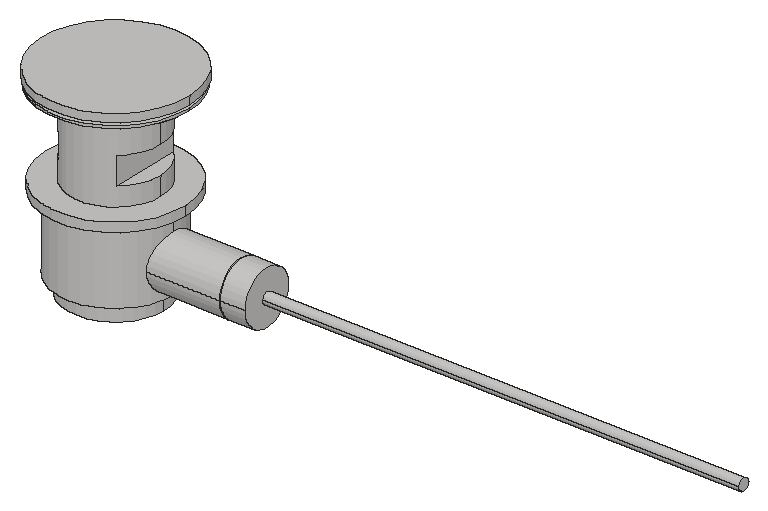
Revit family "A14", category Generic Models, Revit 2021
Family settings
  Can host rebar = No
  Round Connector Dimension = Use Diameter
  Part Type = Normal
  Work Plane-Based = No
  Always vertical = Yes
  Cut with Voids When Loaded = No
  Shared = No
  Room Calculation Point = No
Parameters (values of type "Standard")
  e-mail = "info@vola.com"
  URL = "http://vola.com"
  Telephone = "+45 7023 5500"
  Quality management standard = "ISO 9001"
  Organisation no. / DUNS no. = "17531328"
  Occupational health and safety management standard = "ISO 18001"
  Mounting Instructions = "http://vola.com/service/producturl.ashx?name=A14"
  Model = "A14"
  Materials and components information = "http://vola.com/service/producturl.ashx?name=A14"
  Manufacturer = "VOLA A/S"
  Maintenance Instructions = "http://vola.com/service/producturl.ashx?name=A14"
  Guarantee = "2 years"
  Environmental management standard = "ISO 14000"
  Default Elevation = 0.0000 mm
  Connection - All relevant connections = ""
  Approvals = "http://vola.com/service/producturl.ashx?name=A14"
Reference planes
  plane 1 "Center (Front/Back)": y = 0
  plane 2: z = 0
  plane 3 "Center (Left/Right)": x = 0
Forms (mm)
  Extrusion 1, solid, material "Stainless Steel"
    sketch origin (0, 0, 0) x (1, 0, 0) y (0, 1, 0)
      loop
        circle (0, 0) r 20.95
    from 0 to 7.5
  Extrusion 2, solid, material "Stainless Steel"
    sketch origin (0, 0, -17.888) x (0, 1, 0) y (0, 0, 1)
      loop
        circle (0, 38.388) r 11.5
    from 54 to 0
  Extrusion 3, solid, material "Stainless Steel"
    sketch origin (0, 0, 7.5) x (1, 0, 0) y (0, 1, 0)
      loop
        circle (0, 0) r 25
    from 0 to 32
  Extrusion 4, solid, material "Stainless Steel"
    sketch origin (54, 0, -17.888) x (0, 1, 0) y (0, 0, 1)
      loop
        circle (0, 38.388) r 11.5
    from 0 to 11
  Extrusion 5, solid, material "Stainless Steel"
    sketch origin (65, 0, -17.888) x (0, 1, 0) y (0, 0, 1)
      loop
        circle (0, 38.388) r 2.5
    from 0 to 205
  Extrusion 6, solid, material "Stainless Steel"
    sketch origin (0, 0, 39.5) x (1, 0, 0) y (0, 1, 0)
      loop
        circle (0, 0) r 30
    from 0 to 4
  Extrusion 7, solid, material "Stainless Steel"
    sketch origin (0, 0, 43.5) x (1, 0, 0) y (0, 1, 0)
      loop
        circle (0, 0) r 19.5
    from 0 to 36.96
  Extrusion 8, solid, material "Stainless Steel"
    sketch origin (0, 0, 80.46) x (1, 0, 0) y (0, 1, 0)
      loop
        circle (0, 0) r 31.5
    from 0 to 1.04
  Extrusion 9, solid, material "Stainless Steel"
    sketch origin (0, 0, 81.5) x (1, 0, 0) y (0, 1, 0)
      loop
        circle (0, 0) r 28.875
    from 0 to 1.52
  Extrusion 10, solid, material "Stainless Steel"
    sketch origin (0, 0, 83.02) x (1, 0, 0) y (0, 1, 0)
      loop
        circle (0, 0) r 32
    from 0 to 3.5
  Extrusion 11, void
    sketch origin (0, 0, 0) x (1, 0, 0) y (0, 0, 1)
      loop
        line (20, 63.5) -> (12.5, 63.5) -> (12.5, 51.5) -> (20, 51.5) -> (20, 63.5)
    from -20.403 to 20.581
  Extrusion 12, void
    sketch origin (0, 0, 0) x (-1, 0, 0) y (0, 0, -1)
      loop
        line (20, -63.5) -> (20, -51.5) -> (12.5, -51.5) -> (12.5, -63.5) -> (20, -63.5)
    from -20.403 to 20.581
  Revolve 13, solid, material "Stainless Steel"
    sketch origin (0, 0, 0) x (1, 0, 0) y (0, 0, 1)
      loop
        line (-19.5, 75.959) -> (-19.5, 80.46) -> (-31.26, 80.46) -> (-22.007, 78.918)
        arc (-22.007, 78.918) -> (-20.211, 77.898) -> (-19.5, 75.959) r 3
      axis (0, 80.46) -> (0, 75.959)
    angle from 0 to 360
Cuts and joins
  joined: Extrusion 2, Extrusion 3
  Extrusion 11, Extrusion 12 cuts Extrusion 7
  joined: Extrusion 7, Revolve 13
Dimensions and locks
  aligned and locked: plane 2 to level
